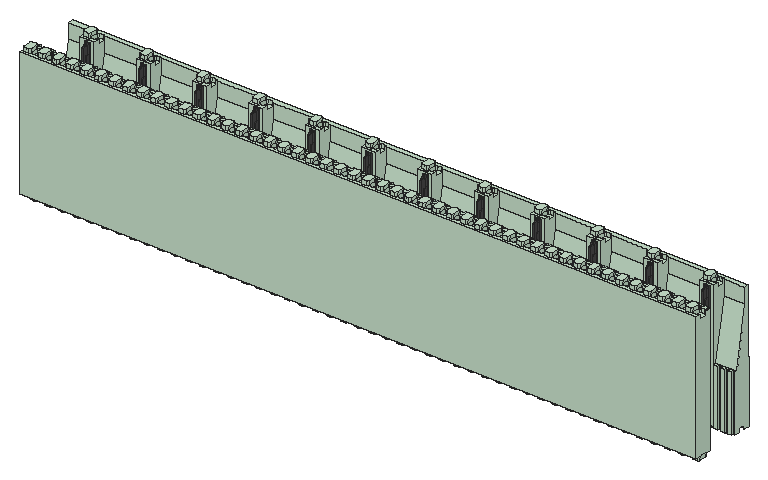
Revit family "ICF- NUDURA 4-inch Single Sided Taper Top Form Unit- Imperial", category Generic Models, Revit 2011 (continued)
Forms (in)
  Extrusion 106, void
    sketch origin (90, 2, 0) x (-1, 0, 0) y (0, -1, 0)
      loop
        line (2, 3.97692) -> (2, 4.89808)
        arc (2, 4.89808) -> (1.95215, 5.04517) -> (1.82692, 5.13595) r 0.25
        arc (1.82692, 5.13595) -> (1.5, 5.1875) -> (1.17308, 5.13595) r 1.0625
        arc (1.17308, 5.13595) -> (1.04785, 5.04517) -> (1, 4.89808) r 0.25
    from 0 to 0.5
  Extrusion 107, void
    sketch origin (92, 2, 0) x (-1, 0, 0) y (0, -1, 0)
      loop
        line (1, 4.89808) -> (1, 3.97692)
        arc (1, 3.97692) -> (1.04785, 3.82983) -> (1.17308, 3.73905) r 0.25
        arc (1.17308, 3.73905) -> (1.42092, 3.69045) -> (1.67323, 3.70172) r 1.0625
        arc (1.67323, 3.70172) -> (1.72385, 3.68771) -> (1.74592, 3.64005) r 0.0625
        line (1.74592, 3.64005) -> (1.74592, 3.41845) -> (1.91675, 3.41845) -> (1.91675, 3.76455)
        arc (1.91675, 3.76455) -> (1.92106, 3.78736) -> (1.9334, 3.80702) r 0.0625
        arc (1.9334, 3.80702) -> (1.98276, 3.88568) -> (2, 3.97692) r 0.25
        line (2, 3.97692) -> (2, 4.89808)
        arc (2, 4.89808) -> (1.95215, 5.04517) -> (1.82692, 5.13595) r 0.25
        arc (1.82692, 5.13595) -> (1.5, 5.1875) -> (1.17308, 5.13595) r 1.0625
        arc (1.17308, 5.13595) -> (1.04785, 5.04517) -> (1, 4.89808) r 0.25
    from 0 to 0.5
  Extrusion 108, void
    sketch origin (94, 2, 0) x (-1, 0, 0) y (0, -1, 0)
      loop
        line (1, 4.89808) -> (1, 3.97692)
        arc (1, 3.97692) -> (1.04785, 3.82983) -> (1.17308, 3.73905) r 0.25
        arc (1.17308, 3.73905) -> (1.42092, 3.69045) -> (1.67323, 3.70172) r 1.0625
        arc (1.67323, 3.70172) -> (1.72385, 3.68771) -> (1.74592, 3.64005) r 0.0625
        line (1.74592, 3.64005) -> (1.74592, 3.41845) -> (1.91675, 3.41845) -> (1.91675, 3.76455)
        arc (1.91675, 3.76455) -> (1.92106, 3.78736) -> (1.9334, 3.80702) r 0.0625
        arc (1.9334, 3.80702) -> (1.98276, 3.88568) -> (2, 3.97692) r 0.25
        line (2, 3.97692) -> (2, 4.89808)
        arc (2, 4.89808) -> (1.95215, 5.04517) -> (1.82692, 5.13595) r 0.25
        arc (1.82692, 5.13595) -> (1.5, 5.1875) -> (1.17308, 5.13595) r 1.0625
        arc (1.17308, 5.13595) -> (1.04785, 5.04517) -> (1, 4.89808) r 0.25
    from 0 to 0.5
  Extrusion 109, void
    sketch origin (96, 2, 0) x (-1, 0, 0) y (0, -1, 0)
      loop
        line (1, 4.89808) -> (1, 3.97692)
        arc (1, 3.97692) -> (1.04785, 3.82983) -> (1.17308, 3.73905) r 0.25
        arc (1.17308, 3.73905) -> (1.42092, 3.69045) -> (1.67323, 3.70172) r 1.0625
        arc (1.67323, 3.70172) -> (1.72385, 3.68771) -> (1.74592, 3.64005) r 0.0625
        line (1.74592, 3.64005) -> (1.74592, 3.41845) -> (1.91675, 3.41845) -> (1.91675, 3.76455)
        arc (1.91675, 3.76455) -> (1.92106, 3.78736) -> (1.9334, 3.80702) r 0.0625
        arc (1.9334, 3.80702) -> (1.98276, 3.88568) -> (2, 3.97692) r 0.25
        line (2, 3.97692) -> (2, 4.89808)
        arc (2, 4.89808) -> (1.95215, 5.04517) -> (1.82692, 5.13595) r 0.25
        arc (1.82692, 5.13595) -> (1.5, 5.1875) -> (1.17308, 5.13595) r 1.0625
        arc (1.17308, 5.13595) -> (1.04785, 5.04517) -> (1, 4.89808) r 0.25
    from 0 to 0.5
  Extrusion 110, void
    sketch origin (94, 0, 0) x (1, 0, 0) y (0, 1, 0)
      loop
        line (1, 4.89808) -> (1, 3.97692)
        arc (1, 3.97692) -> (1.04785, 3.82983) -> (1.17308, 3.73905) r 0.25
        arc (1.17308, 3.73905) -> (1.42092, 3.69045) -> (1.67323, 3.70172) r 1.0625
        arc (1.67323, 3.70172) -> (1.72385, 3.68771) -> (1.74592, 3.64005) r 0.0625
        line (1.74592, 3.64005) -> (1.74592, 3.41845) -> (1.91675, 3.41845) -> (1.91675, 3.76455)
        arc (1.91675, 3.76455) -> (1.92106, 3.78736) -> (1.9334, 3.80702) r 0.0625
        arc (1.9334, 3.80702) -> (1.98276, 3.88568) -> (2, 3.97692) r 0.25
        line (2, 3.97692) -> (2, 4.89808)
        arc (2, 4.89808) -> (1.95215, 5.04517) -> (1.82692, 5.13595) r 0.25
        arc (1.82692, 5.13595) -> (1.5, 5.1875) -> (1.17308, 5.13595) r 1.0625
        arc (1.17308, 5.13595) -> (1.04785, 5.04517) -> (1, 4.89808) r 0.25
    from 0 to 0.5
  Extrusion 111, void
    sketch origin (92, 0, 0) x (1, 0, 0) y (0, 1, 0)
      loop
        line (1, 4.89808) -> (1, 3.97692)
        arc (1, 3.97692) -> (1.04785, 3.82983) -> (1.17308, 3.73905) r 0.25
        arc (1.17308, 3.73905) -> (1.42092, 3.69045) -> (1.67323, 3.70172) r 1.0625
        arc (1.67323, 3.70172) -> (1.72385, 3.68771) -> (1.74592, 3.64005) r 0.0625
        line (1.74592, 3.64005) -> (1.74592, 3.41845) -> (1.91675, 3.41845) -> (1.91675, 3.76455)
        arc (1.91675, 3.76455) -> (1.92106, 3.78736) -> (1.9334, 3.80702) r 0.0625
        arc (1.9334, 3.80702) -> (1.98276, 3.88568) -> (2, 3.97692) r 0.25
        line (2, 3.97692) -> (2, 4.89808)
        arc (2, 4.89808) -> (1.95215, 5.04517) -> (1.82692, 5.13595) r 0.25
        arc (1.82692, 5.13595) -> (1.5, 5.1875) -> (1.17308, 5.13595) r 1.0625
        arc (1.17308, 5.13595) -> (1.04785, 5.04517) -> (1, 4.89808) r 0.25
    from 0 to 0.5
  Extrusion 112, void
    sketch origin (90, 0, 0) x (1, 0, 0) y (0, 1, 0)
      loop
        line (1, 4.89808) -> (1, 3.97692)
        arc (1, 3.97692) -> (1.04785, 3.82983) -> (1.17308, 3.73905) r 0.25
        arc (1.17308, 3.73905) -> (1.42092, 3.69045) -> (1.67323, 3.70172) r 1.0625
        arc (1.67323, 3.70172) -> (1.72385, 3.68771) -> (1.74592, 3.64005) r 0.0625
        line (1.74592, 3.64005) -> (1.74592, 3.41845) -> (1.91675, 3.41845) -> (1.91675, 3.76455)
        arc (1.91675, 3.76455) -> (1.92106, 3.78736) -> (1.9334, 3.80702) r 0.0625
        arc (1.9334, 3.80702) -> (1.98276, 3.88568) -> (2, 3.97692) r 0.25
        line (2, 3.97692) -> (2, 4.89808)
        arc (2, 4.89808) -> (1.95215, 5.04517) -> (1.82692, 5.13595) r 0.25
        arc (1.82692, 5.13595) -> (1.5, 5.1875) -> (1.17308, 5.13595) r 1.0625
        arc (1.17308, 5.13595) -> (1.04785, 5.04517) -> (1, 4.89808) r 0.25
    from 0 to 0.5
  Extrusion 113, void
    sketch origin (88, 0, 0) x (1, 0, 0) y (0, 1, 0)
      loop
        line (1, 4.89808) -> (1, 3.97692)
        arc (1, 3.97692) -> (1.04785, 3.82983) -> (1.17308, 3.73905) r 0.25
        arc (1.17308, 3.73905) -> (1.42092, 3.69045) -> (1.67323, 3.70172) r 1.0625
        arc (1.67323, 3.70172) -> (1.72385, 3.68771) -> (1.74592, 3.64005) r 0.0625
        line (1.74592, 3.64005) -> (1.74592, 3.41845) -> (1.91675, 3.41845) -> (1.91675, 3.76455)
        arc (1.91675, 3.76455) -> (1.92106, 3.78736) -> (1.9334, 3.80702) r 0.0625
        arc (1.9334, 3.80702) -> (1.98276, 3.88568) -> (2, 3.97692) r 0.25
        line (2, 3.97692) -> (2, 4.89808)
        arc (2, 4.89808) -> (1.95215, 5.04517) -> (1.82692, 5.13595) r 0.25
        arc (1.82692, 5.13595) -> (1.5, 5.1875) -> (1.17308, 5.13595) r 1.0625
        arc (1.17308, 5.13595) -> (1.04785, 5.04517) -> (1, 4.89808) r 0.25
    from 0 to 0.5
  Extrusion 114, void
    sketch origin (86, 0, 0) x (1, 0, 0) y (0, 1, 0)
      loop
        line (1, 4.89808) -> (1, 3.97692)
        arc (1, 3.97692) -> (1.04785, 3.82983) -> (1.17308, 3.73905) r 0.25
        arc (1.17308, 3.73905) -> (1.42092, 3.69045) -> (1.67323, 3.70172) r 1.0625
        arc (1.67323, 3.70172) -> (1.72385, 3.68771) -> (1.74592, 3.64005) r 0.0625
        line (1.74592, 3.64005) -> (1.74592, 3.41845) -> (1.91675, 3.41845) -> (1.91675, 3.76455)
        arc (1.91675, 3.76455) -> (1.92106, 3.78736) -> (1.9334, 3.80702) r 0.0625
        arc (1.9334, 3.80702) -> (1.98276, 3.88568) -> (2, 3.97692) r 0.25
        line (2, 3.97692) -> (2, 4.89808)
        arc (2, 4.89808) -> (1.95215, 5.04517) -> (1.82692, 5.13595) r 0.25
        arc (1.82692, 5.13595) -> (1.5, 5.1875) -> (1.17308, 5.13595) r 1.0625
        arc (1.17308, 5.13595) -> (1.04785, 5.04517) -> (1, 4.89808) r 0.25
    from 0 to 0.5
  Extrusion 115, void
    sketch origin (84, 0, 0) x (1, 0, 0) y (0, 1, 0)
      loop
        line (1, 4.89808) -> (1, 3.97692)
        arc (1, 3.97692) -> (1.04785, 3.82983) -> (1.17308, 3.73905) r 0.25
        arc (1.17308, 3.73905) -> (1.42092, 3.69045) -> (1.67323, 3.70172) r 1.0625
        arc (1.67323, 3.70172) -> (1.72385, 3.68771) -> (1.74592, 3.64005) r 0.0625
        line (1.74592, 3.64005) -> (1.74592, 3.41845) -> (1.91675, 3.41845) -> (1.91675, 3.76455)
        arc (1.91675, 3.76455) -> (1.92106, 3.78736) -> (1.9334, 3.80702) r 0.0625
        arc (1.9334, 3.80702) -> (1.98276, 3.88568) -> (2, 3.97692) r 0.25
        line (2, 3.97692) -> (2, 4.89808)
        arc (2, 4.89808) -> (1.95215, 5.04517) -> (1.82692, 5.13595) r 0.25
        arc (1.82692, 5.13595) -> (1.5, 5.1875) -> (1.17308, 5.13595) r 1.0625
        arc (1.17308, 5.13595) -> (1.04785, 5.04517) -> (1, 4.89808) r 0.25
    from 0 to 0.5
  Extrusion 116, void
    sketch origin (82, 0, 0) x (1, 0, 0) y (0, 1, 0)
      loop
        line (1, 4.89808) -> (1, 3.97692)
        arc (1, 3.97692) -> (1.04785, 3.82983) -> (1.17308, 3.73905) r 0.25
        arc (1.17308, 3.73905) -> (1.42092, 3.69045) -> (1.67323, 3.70172) r 1.0625
        arc (1.67323, 3.70172) -> (1.72385, 3.68771) -> (1.74592, 3.64005) r 0.0625
        line (1.74592, 3.64005) -> (1.74592, 3.41845) -> (1.91675, 3.41845) -> (1.91675, 3.76455)
        arc (1.91675, 3.76455) -> (1.92106, 3.78736) -> (1.9334, 3.80702) r 0.0625
        arc (1.9334, 3.80702) -> (1.98276, 3.88568) -> (2, 3.97692) r 0.25
        line (2, 3.97692) -> (2, 4.89808)
        arc (2, 4.89808) -> (1.95215, 5.04517) -> (1.82692, 5.13595) r 0.25
        arc (1.82692, 5.13595) -> (1.5, 5.1875) -> (1.17308, 5.13595) r 1.0625
        arc (1.17308, 5.13595) -> (1.04785, 5.04517) -> (1, 4.89808) r 0.25
    from 0 to 0.5
  Extrusion 117, void
    sketch origin (80, 0, 0) x (1, 0, 0) y (0, 1, 0)
      loop
        line (1, 4.89808) -> (1, 3.97692)
        arc (1, 3.97692) -> (1.04785, 3.82983) -> (1.17308, 3.73905) r 0.25
        arc (1.17308, 3.73905) -> (1.42092, 3.69045) -> (1.67323, 3.70172) r 1.0625
        arc (1.67323, 3.70172) -> (1.72385, 3.68771) -> (1.74592, 3.64005) r 0.0625
        line (1.74592, 3.64005) -> (1.74592, 3.41845) -> (1.91675, 3.41845) -> (1.91675, 3.76455)
        arc (1.91675, 3.76455) -> (1.92106, 3.78736) -> (1.9334, 3.80702) r 0.0625
        arc (1.9334, 3.80702) -> (1.98276, 3.88568) -> (2, 3.97692) r 0.25
        line (2, 3.97692) -> (2, 4.89808)
        arc (2, 4.89808) -> (1.95215, 5.04517) -> (1.82692, 5.13595) r 0.25
        arc (1.82692, 5.13595) -> (1.5, 5.1875) -> (1.17308, 5.13595) r 1.0625
        arc (1.17308, 5.13595) -> (1.04785, 5.04517) -> (1, 4.89808) r 0.25
    from 0 to 0.5
  Extrusion 118, void
    sketch origin (78, 0, 0) x (1, 0, 0) y (0, 1, 0)
      loop
        line (1, 4.89808) -> (1, 3.97692)
        arc (1, 3.97692) -> (1.04785, 3.82983) -> (1.17308, 3.73905) r 0.25
        arc (1.17308, 3.73905) -> (1.42092, 3.69045) -> (1.67323, 3.70172) r 1.0625
        arc (1.67323, 3.70172) -> (1.72385, 3.68771) -> (1.74592, 3.64005) r 0.0625
        line (1.74592, 3.64005) -> (1.74592, 3.41845) -> (1.91675, 3.41845) -> (1.91675, 3.76455)
        arc (1.91675, 3.76455) -> (1.92106, 3.78736) -> (1.9334, 3.80702) r 0.0625
        arc (1.9334, 3.80702) -> (1.98276, 3.88568) -> (2, 3.97692) r 0.25
        line (2, 3.97692) -> (2, 4.89808)
        arc (2, 4.89808) -> (1.95215, 5.04517) -> (1.82692, 5.13595) r 0.25
        arc (1.82692, 5.13595) -> (1.5, 5.1875) -> (1.17308, 5.13595) r 1.0625
        arc (1.17308, 5.13595) -> (1.04785, 5.04517) -> (1, 4.89808) r 0.25
    from 0 to 0.5
  Extrusion 119, void
    sketch origin (76, 0, 0) x (1, 0, 0) y (0, 1, 0)
      loop
        line (1, 4.89808) -> (1, 3.97692)
        arc (1, 3.97692) -> (1.04785, 3.82983) -> (1.17308, 3.73905) r 0.25
        arc (1.17308, 3.73905) -> (1.42092, 3.69045) -> (1.67323, 3.70172) r 1.0625
        arc (1.67323, 3.70172) -> (1.72385, 3.68771) -> (1.74592, 3.64005) r 0.0625
        line (1.74592, 3.64005) -> (1.74592, 3.41845) -> (1.91675, 3.41845) -> (1.91675, 3.76455)
        arc (1.91675, 3.76455) -> (1.92106, 3.78736) -> (1.9334, 3.80702) r 0.0625
        arc (1.9334, 3.80702) -> (1.98276, 3.88568) -> (2, 3.97692) r 0.25
        line (2, 3.97692) -> (2, 4.89808)
        arc (2, 4.89808) -> (1.95215, 5.04517) -> (1.82692, 5.13595) r 0.25
        arc (1.82692, 5.13595) -> (1.5, 5.1875) -> (1.17308, 5.13595) r 1.0625
        arc (1.17308, 5.13595) -> (1.04785, 5.04517) -> (1, 4.89808) r 0.25
    from 0 to 0.5
  Extrusion 120, void
    sketch origin (74, 0, 0) x (1, 0, 0) y (0, 1, 0)
      loop
        line (1, 4.89808) -> (1, 3.97692)
        arc (1, 3.97692) -> (1.04785, 3.82983) -> (1.17308, 3.73905) r 0.25
        arc (1.17308, 3.73905) -> (1.42092, 3.69045) -> (1.67323, 3.70172) r 1.0625
        arc (1.67323, 3.70172) -> (1.72385, 3.68771) -> (1.74592, 3.64005) r 0.0625
        line (1.74592, 3.64005) -> (1.74592, 3.41845) -> (1.91675, 3.41845) -> (1.91675, 3.76455)
        arc (1.91675, 3.76455) -> (1.92106, 3.78736) -> (1.9334, 3.80702) r 0.0625
        arc (1.9334, 3.80702) -> (1.98276, 3.88568) -> (2, 3.97692) r 0.25
        line (2, 3.97692) -> (2, 4.89808)
        arc (2, 4.89808) -> (1.95215, 5.04517) -> (1.82692, 5.13595) r 0.25
        arc (1.82692, 5.13595) -> (1.5, 5.1875) -> (1.17308, 5.13595) r 1.0625
        arc (1.17308, 5.13595) -> (1.04785, 5.04517) -> (1, 4.89808) r 0.25
    from 0 to 0.5
  Extrusion 121, void
    sketch origin (72, 0, 0) x (1, 0, 0) y (0, 1, 0)
      loop
        line (1, 4.89808) -> (1, 3.97692)
        arc (1, 3.97692) -> (1.04785, 3.82983) -> (1.17308, 3.73905) r 0.25
        arc (1.17308, 3.73905) -> (1.42092, 3.69045) -> (1.67323, 3.70172) r 1.0625
        arc (1.67323, 3.70172) -> (1.72385, 3.68771) -> (1.74592, 3.64005) r 0.0625
        line (1.74592, 3.64005) -> (1.74592, 3.41845) -> (1.91675, 3.41845) -> (1.91675, 3.76455)
        arc (1.91675, 3.76455) -> (1.92106, 3.78736) -> (1.9334, 3.80702) r 0.0625
        arc (1.9334, 3.80702) -> (1.98276, 3.88568) -> (2, 3.97692) r 0.25
        line (2, 3.97692) -> (2, 4.89808)
        arc (2, 4.89808) -> (1.95215, 5.04517) -> (1.82692, 5.13595) r 0.25
        arc (1.82692, 5.13595) -> (1.5, 5.1875) -> (1.17308, 5.13595) r 1.0625
        arc (1.17308, 5.13595) -> (1.04785, 5.04517) -> (1, 4.89808) r 0.25
    from 0 to 0.5
  Extrusion 122, void
    sketch origin (70, 0, 0) x (1, 0, 0) y (0, 1, 0)
      loop
        line (1, 4.89808) -> (1, 3.97692)
        arc (1, 3.97692) -> (1.04785, 3.82983) -> (1.17308, 3.73905) r 0.25
        arc (1.17308, 3.73905) -> (1.42092, 3.69045) -> (1.67323, 3.70172) r 1.0625
        arc (1.67323, 3.70172) -> (1.72385, 3.68771) -> (1.74592, 3.64005) r 0.0625
        line (1.74592, 3.64005) -> (1.74592, 3.41845) -> (1.91675, 3.41845) -> (1.91675, 3.76455)
        arc (1.91675, 3.76455) -> (1.92106, 3.78736) -> (1.9334, 3.80702) r 0.0625
        arc (1.9334, 3.80702) -> (1.98276, 3.88568) -> (2, 3.97692) r 0.25
        line (2, 3.97692) -> (2, 4.89808)
        arc (2, 4.89808) -> (1.95215, 5.04517) -> (1.82692, 5.13595) r 0.25
        arc (1.82692, 5.13595) -> (1.5, 5.1875) -> (1.17308, 5.13595) r 1.0625
        arc (1.17308, 5.13595) -> (1.04785, 5.04517) -> (1, 4.89808) r 0.25
    from 0 to 0.5
  Extrusion 123, void
    sketch origin (68, 0, 0) x (1, 0, 0) y (0, 1, 0)
      loop
        line (1, 4.89808) -> (1, 3.97692)
        arc (1, 3.97692) -> (1.04785, 3.82983) -> (1.17308, 3.73905) r 0.25
        arc (1.17308, 3.73905) -> (1.42092, 3.69045) -> (1.67323, 3.70172) r 1.0625
        arc (1.67323, 3.70172) -> (1.72385, 3.68771) -> (1.74592, 3.64005) r 0.0625
        line (1.74592, 3.64005) -> (1.74592, 3.41845) -> (1.91675, 3.41845) -> (1.91675, 3.76455)
        arc (1.91675, 3.76455) -> (1.92106, 3.78736) -> (1.9334, 3.80702) r 0.0625
        arc (1.9334, 3.80702) -> (1.98276, 3.88568) -> (2, 3.97692) r 0.25
        line (2, 3.97692) -> (2, 4.89808)
        arc (2, 4.89808) -> (1.95215, 5.04517) -> (1.82692, 5.13595) r 0.25
        arc (1.82692, 5.13595) -> (1.5, 5.1875) -> (1.17308, 5.13595) r 1.0625
        arc (1.17308, 5.13595) -> (1.04785, 5.04517) -> (1, 4.89808) r 0.25
    from 0 to 0.5
  Extrusion 124, void
    sketch origin (66, 0, 0) x (1, 0, 0) y (0, 1, 0)
      loop
        line (1, 4.89808) -> (1, 3.97692)
        arc (1, 3.97692) -> (1.04785, 3.82983) -> (1.17308, 3.73905) r 0.25
        arc (1.17308, 3.73905) -> (1.42092, 3.69045) -> (1.67323, 3.70172) r 1.0625
        arc (1.67323, 3.70172) -> (1.72385, 3.68771) -> (1.74592, 3.64005) r 0.0625
        line (1.74592, 3.64005) -> (1.74592, 3.41845) -> (1.91675, 3.41845) -> (1.91675, 3.76455)
        arc (1.91675, 3.76455) -> (1.92106, 3.78736) -> (1.9334, 3.80702) r 0.0625
        arc (1.9334, 3.80702) -> (1.98276, 3.88568) -> (2, 3.97692) r 0.25
        line (2, 3.97692) -> (2, 4.89808)
        arc (2, 4.89808) -> (1.95215, 5.04517) -> (1.82692, 5.13595) r 0.25
        arc (1.82692, 5.13595) -> (1.5, 5.1875) -> (1.17308, 5.13595) r 1.0625
        arc (1.17308, 5.13595) -> (1.04785, 5.04517) -> (1, 4.89808) r 0.25
    from 0 to 0.5
  Extrusion 125, void
    sketch origin (64, 0, 0) x (1, 0, 0) y (0, 1, 0)
      loop
        line (1, 4.89808) -> (1, 3.97692)
        arc (1, 3.97692) -> (1.04785, 3.82983) -> (1.17308, 3.73905) r 0.25
        arc (1.17308, 3.73905) -> (1.42092, 3.69045) -> (1.67323, 3.70172) r 1.0625
        arc (1.67323, 3.70172) -> (1.72385, 3.68771) -> (1.74592, 3.64005) r 0.0625
        line (1.74592, 3.64005) -> (1.74592, 3.41845) -> (1.91675, 3.41845) -> (1.91675, 3.76455)
        arc (1.91675, 3.76455) -> (1.92106, 3.78736) -> (1.9334, 3.80702) r 0.0625
        arc (1.9334, 3.80702) -> (1.98276, 3.88568) -> (2, 3.97692) r 0.25
        line (2, 3.97692) -> (2, 4.89808)
        arc (2, 4.89808) -> (1.95215, 5.04517) -> (1.82692, 5.13595) r 0.25
        arc (1.82692, 5.13595) -> (1.5, 5.1875) -> (1.17308, 5.13595) r 1.0625
        arc (1.17308, 5.13595) -> (1.04785, 5.04517) -> (1, 4.89808) r 0.25
    from 0 to 0.5
  Extrusion 126, void
    sketch origin (62, 0, 0) x (1, 0, 0) y (0, 1, 0)
      loop
        line (1, 4.89808) -> (1, 3.97692)
        arc (1, 3.97692) -> (1.04785, 3.82983) -> (1.17308, 3.73905) r 0.25
        arc (1.17308, 3.73905) -> (1.42092, 3.69045) -> (1.67323, 3.70172) r 1.0625
        arc (1.67323, 3.70172) -> (1.72385, 3.68771) -> (1.74592, 3.64005) r 0.0625
        line (1.74592, 3.64005) -> (1.74592, 3.41845) -> (1.91675, 3.41845) -> (1.91675, 3.76455)
        arc (1.91675, 3.76455) -> (1.92106, 3.78736) -> (1.9334, 3.80702) r 0.0625
        arc (1.9334, 3.80702) -> (1.98276, 3.88568) -> (2, 3.97692) r 0.25
        line (2, 3.97692) -> (2, 4.89808)
        arc (2, 4.89808) -> (1.95215, 5.04517) -> (1.82692, 5.13595) r 0.25
        arc (1.82692, 5.13595) -> (1.5, 5.1875) -> (1.17308, 5.13595) r 1.0625
        arc (1.17308, 5.13595) -> (1.04785, 5.04517) -> (1, 4.89808) r 0.25
    from 0 to 0.5
  Extrusion 127, void
    sketch origin (60, 0, 0) x (1, 0, 0) y (0, 1, 0)
      loop
        line (1, 4.89808) -> (1, 3.97692)
        arc (1, 3.97692) -> (1.04785, 3.82983) -> (1.17308, 3.73905) r 0.25
        arc (1.17308, 3.73905) -> (1.42092, 3.69045) -> (1.67323, 3.70172) r 1.0625
        arc (1.67323, 3.70172) -> (1.72385, 3.68771) -> (1.74592, 3.64005) r 0.0625
        line (1.74592, 3.64005) -> (1.74592, 3.41845) -> (1.91675, 3.41845) -> (1.91675, 3.76455)
        arc (1.91675, 3.76455) -> (1.92106, 3.78736) -> (1.9334, 3.80702) r 0.0625
        arc (1.9334, 3.80702) -> (1.98276, 3.88568) -> (2, 3.97692) r 0.25
        line (2, 3.97692) -> (2, 4.89808)
        arc (2, 4.89808) -> (1.95215, 5.04517) -> (1.82692, 5.13595) r 0.25
        arc (1.82692, 5.13595) -> (1.5, 5.1875) -> (1.17308, 5.13595) r 1.0625
        arc (1.17308, 5.13595) -> (1.04785, 5.04517) -> (1, 4.89808) r 0.25
    from 0 to 0.5
  Extrusion 128, void
    sketch origin (58, 0, 0) x (1, 0, 0) y (0, 1, 0)
      loop
        line (1, 4.89808) -> (1, 3.97692)
        arc (1, 3.97692) -> (1.04785, 3.82983) -> (1.17308, 3.73905) r 0.25
        arc (1.17308, 3.73905) -> (1.42092, 3.69045) -> (1.67323, 3.70172) r 1.0625
        arc (1.67323, 3.70172) -> (1.72385, 3.68771) -> (1.74592, 3.64005) r 0.0625
        line (1.74592, 3.64005) -> (1.74592, 3.41845) -> (1.91675, 3.41845) -> (1.91675, 3.76455)
        arc (1.91675, 3.76455) -> (1.92106, 3.78736) -> (1.9334, 3.80702) r 0.0625
        arc (1.9334, 3.80702) -> (1.98276, 3.88568) -> (2, 3.97692) r 0.25
        line (2, 3.97692) -> (2, 4.89808)
        arc (2, 4.89808) -> (1.95215, 5.04517) -> (1.82692, 5.13595) r 0.25
        arc (1.82692, 5.13595) -> (1.5, 5.1875) -> (1.17308, 5.13595) r 1.0625
        arc (1.17308, 5.13595) -> (1.04785, 5.04517) -> (1, 4.89808) r 0.25
    from 0 to 0.5
  Extrusion 129, void
    sketch origin (56, 0, 0) x (1, 0, 0) y (0, 1, 0)
      loop
        line (1, 4.89808) -> (1, 3.97692)
        arc (1, 3.97692) -> (1.04785, 3.82983) -> (1.17308, 3.73905) r 0.25
        arc (1.17308, 3.73905) -> (1.42092, 3.69045) -> (1.67323, 3.70172) r 1.0625
        arc (1.67323, 3.70172) -> (1.72385, 3.68771) -> (1.74592, 3.64005) r 0.0625
        line (1.74592, 3.64005) -> (1.74592, 3.41845) -> (1.91675, 3.41845) -> (1.91675, 3.76455)
        arc (1.91675, 3.76455) -> (1.92106, 3.78736) -> (1.9334, 3.80702) r 0.0625
        arc (1.9334, 3.80702) -> (1.98276, 3.88568) -> (2, 3.97692) r 0.25
        line (2, 3.97692) -> (2, 4.89808)
        arc (2, 4.89808) -> (1.95215, 5.04517) -> (1.82692, 5.13595) r 0.25
        arc (1.82692, 5.13595) -> (1.5, 5.1875) -> (1.17308, 5.13595) r 1.0625
        arc (1.17308, 5.13595) -> (1.04785, 5.04517) -> (1, 4.89808) r 0.25
    from 0 to 0.5
  Extrusion 130, void
    sketch origin (54, 0, 0) x (1, 0, 0) y (0, 1, 0)
      loop
        line (1, 4.89808) -> (1, 3.97692)
        arc (1, 3.97692) -> (1.04785, 3.82983) -> (1.17308, 3.73905) r 0.25
        arc (1.17308, 3.73905) -> (1.42092, 3.69045) -> (1.67323, 3.70172) r 1.0625
        arc (1.67323, 3.70172) -> (1.72385, 3.68771) -> (1.74592, 3.64005) r 0.0625
        line (1.74592, 3.64005) -> (1.74592, 3.41845) -> (1.91675, 3.41845) -> (1.91675, 3.76455)
        arc (1.91675, 3.76455) -> (1.92106, 3.78736) -> (1.9334, 3.80702) r 0.0625
        arc (1.9334, 3.80702) -> (1.98276, 3.88568) -> (2, 3.97692) r 0.25
        line (2, 3.97692) -> (2, 4.89808)
        arc (2, 4.89808) -> (1.95215, 5.04517) -> (1.82692, 5.13595) r 0.25
        arc (1.82692, 5.13595) -> (1.5, 5.1875) -> (1.17308, 5.13595) r 1.0625
        arc (1.17308, 5.13595) -> (1.04785, 5.04517) -> (1, 4.89808) r 0.25
    from 0 to 0.5
  Extrusion 131, void
    sketch origin (52, 0, 0) x (1, 0, 0) y (0, 1, 0)
      loop
        line (1, 4.89808) -> (1, 3.97692)
        arc (1, 3.97692) -> (1.04785, 3.82983) -> (1.17308, 3.73905) r 0.25
        arc (1.17308, 3.73905) -> (1.42092, 3.69045) -> (1.67323, 3.70172) r 1.0625
        arc (1.67323, 3.70172) -> (1.72385, 3.68771) -> (1.74592, 3.64005) r 0.0625
        line (1.74592, 3.64005) -> (1.74592, 3.41845) -> (1.91675, 3.41845) -> (1.91675, 3.76455)
        arc (1.91675, 3.76455) -> (1.92106, 3.78736) -> (1.9334, 3.80702) r 0.0625
        arc (1.9334, 3.80702) -> (1.98276, 3.88568) -> (2, 3.97692) r 0.25
        line (2, 3.97692) -> (2, 4.89808)
        arc (2, 4.89808) -> (1.95215, 5.04517) -> (1.82692, 5.13595) r 0.25
        arc (1.82692, 5.13595) -> (1.5, 5.1875) -> (1.17308, 5.13595) r 1.0625
        arc (1.17308, 5.13595) -> (1.04785, 5.04517) -> (1, 4.89808) r 0.25
    from 0 to 0.5
  Extrusion 132, void
    sketch origin (50, 0, 0) x (1, 0, 0) y (0, 1, 0)
      loop
        line (1, 4.89808) -> (1, 3.97692)
        arc (1, 3.97692) -> (1.04785, 3.82983) -> (1.17308, 3.73905) r 0.25
        arc (1.17308, 3.73905) -> (1.42092, 3.69045) -> (1.67323, 3.70172) r 1.0625
        arc (1.67323, 3.70172) -> (1.72385, 3.68771) -> (1.74592, 3.64005) r 0.0625
        line (1.74592, 3.64005) -> (1.74592, 3.41845) -> (1.91675, 3.41845) -> (1.91675, 3.76455)
        arc (1.91675, 3.76455) -> (1.92106, 3.78736) -> (1.9334, 3.80702) r 0.0625
        arc (1.9334, 3.80702) -> (1.98276, 3.88568) -> (2, 3.97692) r 0.25
        line (2, 3.97692) -> (2, 4.89808)
        arc (2, 4.89808) -> (1.95215, 5.04517) -> (1.82692, 5.13595) r 0.25
        arc (1.82692, 5.13595) -> (1.5, 5.1875) -> (1.17308, 5.13595) r 1.0625
        arc (1.17308, 5.13595) -> (1.04785, 5.04517) -> (1, 4.89808) r 0.25
    from 0 to 0.5
  Extrusion 133, void
    sketch origin (48, 0, 0) x (1, 0, 0) y (0, 1, 0)
      loop
        line (1, 4.89808) -> (1, 3.97692)
        arc (1, 3.97692) -> (1.04785, 3.82983) -> (1.17308, 3.73905) r 0.25
        arc (1.17308, 3.73905) -> (1.42092, 3.69045) -> (1.67323, 3.70172) r 1.0625
        arc (1.67323, 3.70172) -> (1.72385, 3.68771) -> (1.74592, 3.64005) r 0.0625
        line (1.74592, 3.64005) -> (1.74592, 3.41845) -> (1.91675, 3.41845) -> (1.91675, 3.76455)
        arc (1.91675, 3.76455) -> (1.92106, 3.78736) -> (1.9334, 3.80702) r 0.0625
        arc (1.9334, 3.80702) -> (1.98276, 3.88568) -> (2, 3.97692) r 0.25
        line (2, 3.97692) -> (2, 4.89808)
        arc (2, 4.89808) -> (1.95215, 5.04517) -> (1.82692, 5.13595) r 0.25
        arc (1.82692, 5.13595) -> (1.5, 5.1875) -> (1.17308, 5.13595) r 1.0625
        arc (1.17308, 5.13595) -> (1.04785, 5.04517) -> (1, 4.89808) r 0.25
    from 0 to 0.5
  Extrusion 134, void
    sketch origin (46, 0, 0) x (1, 0, 0) y (0, 1, 0)
      loop
        line (1, 4.89808) -> (1, 3.97692)
        arc (1, 3.97692) -> (1.04785, 3.82983) -> (1.17308, 3.73905) r 0.25
        arc (1.17308, 3.73905) -> (1.42092, 3.69045) -> (1.67323, 3.70172) r 1.0625
        arc (1.67323, 3.70172) -> (1.72385, 3.68771) -> (1.74592, 3.64005) r 0.0625
        line (1.74592, 3.64005) -> (1.74592, 3.41845) -> (1.91675, 3.41845) -> (1.91675, 3.76455)
        arc (1.91675, 3.76455) -> (1.92106, 3.78736) -> (1.9334, 3.80702) r 0.0625
        arc (1.9334, 3.80702) -> (1.98276, 3.88568) -> (2, 3.97692) r 0.25
        line (2, 3.97692) -> (2, 4.89808)
        arc (2, 4.89808) -> (1.95215, 5.04517) -> (1.82692, 5.13595) r 0.25
        arc (1.82692, 5.13595) -> (1.5, 5.1875) -> (1.17308, 5.13595) r 1.0625
        arc (1.17308, 5.13595) -> (1.04785, 5.04517) -> (1, 4.89808) r 0.25
    from 0 to 0.5
  Extrusion 135, void
    sketch origin (44, 0, 0) x (1, 0, 0) y (0, 1, 0)
      loop
        line (1, 4.89808) -> (1, 3.97692)
        arc (1, 3.97692) -> (1.04785, 3.82983) -> (1.17308, 3.73905) r 0.25
        arc (1.17308, 3.73905) -> (1.42092, 3.69045) -> (1.67323, 3.70172) r 1.0625
        arc (1.67323, 3.70172) -> (1.72385, 3.68771) -> (1.74592, 3.64005) r 0.0625
        line (1.74592, 3.64005) -> (1.74592, 3.41845) -> (1.91675, 3.41845) -> (1.91675, 3.76455)
        arc (1.91675, 3.76455) -> (1.92106, 3.78736) -> (1.9334, 3.80702) r 0.0625
        arc (1.9334, 3.80702) -> (1.98276, 3.88568) -> (2, 3.97692) r 0.25
        line (2, 3.97692) -> (2, 4.89808)
        arc (2, 4.89808) -> (1.95215, 5.04517) -> (1.82692, 5.13595) r 0.25
        arc (1.82692, 5.13595) -> (1.5, 5.1875) -> (1.17308, 5.13595) r 1.0625
        arc (1.17308, 5.13595) -> (1.04785, 5.04517) -> (1, 4.89808) r 0.25
    from 0 to 0.5
  Extrusion 136, void
    sketch origin (42, 0, 0) x (1, 0, 0) y (0, 1, 0)
      loop
        line (1, 4.89808) -> (1, 3.97692)
        arc (1, 3.97692) -> (1.04785, 3.82983) -> (1.17308, 3.73905) r 0.25
        arc (1.17308, 3.73905) -> (1.42092, 3.69045) -> (1.67323, 3.70172) r 1.0625
        arc (1.67323, 3.70172) -> (1.72385, 3.68771) -> (1.74592, 3.64005) r 0.0625
        line (1.74592, 3.64005) -> (1.74592, 3.41845) -> (1.91675, 3.41845) -> (1.91675, 3.76455)
        arc (1.91675, 3.76455) -> (1.92106, 3.78736) -> (1.9334, 3.80702) r 0.0625
        arc (1.9334, 3.80702) -> (1.98276, 3.88568) -> (2, 3.97692) r 0.25
        line (2, 3.97692) -> (2, 4.89808)
        arc (2, 4.89808) -> (1.95215, 5.04517) -> (1.82692, 5.13595) r 0.25
        arc (1.82692, 5.13595) -> (1.5, 5.1875) -> (1.17308, 5.13595) r 1.0625
        arc (1.17308, 5.13595) -> (1.04785, 5.04517) -> (1, 4.89808) r 0.25
    from 0 to 0.5
  Extrusion 137, void
    sketch origin (40, 0, 0) x (1, 0, 0) y (0, 1, 0)
      loop
        line (1, 4.89808) -> (1, 3.97692)
        arc (1, 3.97692) -> (1.04785, 3.82983) -> (1.17308, 3.73905) r 0.25
        arc (1.17308, 3.73905) -> (1.42092, 3.69045) -> (1.67323, 3.70172) r 1.0625
        arc (1.67323, 3.70172) -> (1.72385, 3.68771) -> (1.74592, 3.64005) r 0.0625
        line (1.74592, 3.64005) -> (1.74592, 3.41845) -> (1.91675, 3.41845) -> (1.91675, 3.76455)
        arc (1.91675, 3.76455) -> (1.92106, 3.78736) -> (1.9334, 3.80702) r 0.0625
        arc (1.9334, 3.80702) -> (1.98276, 3.88568) -> (2, 3.97692) r 0.25
        line (2, 3.97692) -> (2, 4.89808)
        arc (2, 4.89808) -> (1.95215, 5.04517) -> (1.82692, 5.13595) r 0.25
        arc (1.82692, 5.13595) -> (1.5, 5.1875) -> (1.17308, 5.13595) r 1.0625
        arc (1.17308, 5.13595) -> (1.04785, 5.04517) -> (1, 4.89808) r 0.25
    from 0 to 0.5
  Extrusion 138, void
    sketch origin (38, 0, 0) x (1, 0, 0) y (0, 1, 0)
      loop
        line (1, 4.89808) -> (1, 3.97692)
        arc (1, 3.97692) -> (1.04785, 3.82983) -> (1.17308, 3.73905) r 0.25
        arc (1.17308, 3.73905) -> (1.42092, 3.69045) -> (1.67323, 3.70172) r 1.0625
        arc (1.67323, 3.70172) -> (1.72385, 3.68771) -> (1.74592, 3.64005) r 0.0625
        line (1.74592, 3.64005) -> (1.74592, 3.41845) -> (1.91675, 3.41845) -> (1.91675, 3.76455)
        arc (1.91675, 3.76455) -> (1.92106, 3.78736) -> (1.9334, 3.80702) r 0.0625
        arc (1.9334, 3.80702) -> (1.98276, 3.88568) -> (2, 3.97692) r 0.25
        line (2, 3.97692) -> (2, 4.89808)
        arc (2, 4.89808) -> (1.95215, 5.04517) -> (1.82692, 5.13595) r 0.25
        arc (1.82692, 5.13595) -> (1.5, 5.1875) -> (1.17308, 5.13595) r 1.0625
        arc (1.17308, 5.13595) -> (1.04785, 5.04517) -> (1, 4.89808) r 0.25
    from 0 to 0.5
  Extrusion 139, void
    sketch origin (36, 0, 0) x (1, 0, 0) y (0, 1, 0)
      loop
        line (1, 4.89808) -> (1, 3.97692)
        arc (1, 3.97692) -> (1.04785, 3.82983) -> (1.17308, 3.73905) r 0.25
        arc (1.17308, 3.73905) -> (1.42092, 3.69045) -> (1.67323, 3.70172) r 1.0625
        arc (1.67323, 3.70172) -> (1.72385, 3.68771) -> (1.74592, 3.64005) r 0.0625
        line (1.74592, 3.64005) -> (1.74592, 3.41845) -> (1.91675, 3.41845) -> (1.91675, 3.76455)
        arc (1.91675, 3.76455) -> (1.92106, 3.78736) -> (1.9334, 3.80702) r 0.0625
        arc (1.9334, 3.80702) -> (1.98276, 3.88568) -> (2, 3.97692) r 0.25
        line (2, 3.97692) -> (2, 4.89808)
        arc (2, 4.89808) -> (1.95215, 5.04517) -> (1.82692, 5.13595) r 0.25
        arc (1.82692, 5.13595) -> (1.5, 5.1875) -> (1.17308, 5.13595) r 1.0625
        arc (1.17308, 5.13595) -> (1.04785, 5.04517) -> (1, 4.89808) r 0.25
    from 0 to 0.5
  Extrusion 140, void
    sketch origin (34, 0, 0) x (1, 0, 0) y (0, 1, 0)
      loop
        line (1, 4.89808) -> (1, 3.97692)
        arc (1, 3.97692) -> (1.04785, 3.82983) -> (1.17308, 3.73905) r 0.25
        arc (1.17308, 3.73905) -> (1.42092, 3.69045) -> (1.67323, 3.70172) r 1.0625
        arc (1.67323, 3.70172) -> (1.72385, 3.68771) -> (1.74592, 3.64005) r 0.0625
        line (1.74592, 3.64005) -> (1.74592, 3.41845) -> (1.91675, 3.41845) -> (1.91675, 3.76455)
        arc (1.91675, 3.76455) -> (1.92106, 3.78736) -> (1.9334, 3.80702) r 0.0625
        arc (1.9334, 3.80702) -> (1.98276, 3.88568) -> (2, 3.97692) r 0.25
        line (2, 3.97692) -> (2, 4.89808)
        arc (2, 4.89808) -> (1.95215, 5.04517) -> (1.82692, 5.13595) r 0.25
        arc (1.82692, 5.13595) -> (1.5, 5.1875) -> (1.17308, 5.13595) r 1.0625
        arc (1.17308, 5.13595) -> (1.04785, 5.04517) -> (1, 4.89808) r 0.25
    from 0 to 0.5
  Extrusion 141, void
    sketch origin (32, 0, 0) x (1, 0, 0) y (0, 1, 0)
      loop
        line (1, 4.89808) -> (1, 3.97692)
        arc (1, 3.97692) -> (1.04785, 3.82983) -> (1.17308, 3.73905) r 0.25
        arc (1.17308, 3.73905) -> (1.42092, 3.69045) -> (1.67323, 3.70172) r 1.0625
        arc (1.67323, 3.70172) -> (1.72385, 3.68771) -> (1.74592, 3.64005) r 0.0625
        line (1.74592, 3.64005) -> (1.74592, 3.41845) -> (1.91675, 3.41845) -> (1.91675, 3.76455)
        arc (1.91675, 3.76455) -> (1.92106, 3.78736) -> (1.9334, 3.80702) r 0.0625
        arc (1.9334, 3.80702) -> (1.98276, 3.88568) -> (2, 3.97692) r 0.25
        line (2, 3.97692) -> (2, 4.89808)
        arc (2, 4.89808) -> (1.95215, 5.04517) -> (1.82692, 5.13595) r 0.25
        arc (1.82692, 5.13595) -> (1.5, 5.1875) -> (1.17308, 5.13595) r 1.0625
        arc (1.17308, 5.13595) -> (1.04785, 5.04517) -> (1, 4.89808) r 0.25
    from 0 to 0.5
  Extrusion 142, void
    sketch origin (30, 0, 0) x (1, 0, 0) y (0, 1, 0)
      loop
        line (1, 4.89808) -> (1, 3.97692)
        arc (1, 3.97692) -> (1.04785, 3.82983) -> (1.17308, 3.73905) r 0.25
        arc (1.17308, 3.73905) -> (1.42092, 3.69045) -> (1.67323, 3.70172) r 1.0625
        arc (1.67323, 3.70172) -> (1.72385, 3.68771) -> (1.74592, 3.64005) r 0.0625
        line (1.74592, 3.64005) -> (1.74592, 3.41845) -> (1.91675, 3.41845) -> (1.91675, 3.76455)
        arc (1.91675, 3.76455) -> (1.92106, 3.78736) -> (1.9334, 3.80702) r 0.0625
        arc (1.9334, 3.80702) -> (1.98276, 3.88568) -> (2, 3.97692) r 0.25
        line (2, 3.97692) -> (2, 4.89808)
        arc (2, 4.89808) -> (1.95215, 5.04517) -> (1.82692, 5.13595) r 0.25
        arc (1.82692, 5.13595) -> (1.5, 5.1875) -> (1.17308, 5.13595) r 1.0625
        arc (1.17308, 5.13595) -> (1.04785, 5.04517) -> (1, 4.89808) r 0.25
    from 0 to 0.5
  Extrusion 143, void
    sketch origin (28, 0, 0) x (1, 0, 0) y (0, 1, 0)
      loop
        line (1, 4.89808) -> (1, 3.97692)
        arc (1, 3.97692) -> (1.04785, 3.82983) -> (1.17308, 3.73905) r 0.25
        arc (1.17308, 3.73905) -> (1.42092, 3.69045) -> (1.67323, 3.70172) r 1.0625
        arc (1.67323, 3.70172) -> (1.72385, 3.68771) -> (1.74592, 3.64005) r 0.0625
        line (1.74592, 3.64005) -> (1.74592, 3.41845) -> (1.91675, 3.41845) -> (1.91675, 3.76455)
        arc (1.91675, 3.76455) -> (1.92106, 3.78736) -> (1.9334, 3.80702) r 0.0625
        arc (1.9334, 3.80702) -> (1.98276, 3.88568) -> (2, 3.97692) r 0.25
        line (2, 3.97692) -> (2, 4.89808)
        arc (2, 4.89808) -> (1.95215, 5.04517) -> (1.82692, 5.13595) r 0.25
        arc (1.82692, 5.13595) -> (1.5, 5.1875) -> (1.17308, 5.13595) r 1.0625
        arc (1.17308, 5.13595) -> (1.04785, 5.04517) -> (1, 4.89808) r 0.25
    from 0 to 0.5
  Extrusion 144, void
    sketch origin (26, 0, 0) x (1, 0, 0) y (0, 1, 0)
      loop
        line (1, 4.89808) -> (1, 3.97692)
        arc (1, 3.97692) -> (1.04785, 3.82983) -> (1.17308, 3.73905) r 0.25
        arc (1.17308, 3.73905) -> (1.42092, 3.69045) -> (1.67323, 3.70172) r 1.0625
        arc (1.67323, 3.70172) -> (1.72385, 3.68771) -> (1.74592, 3.64005) r 0.0625
        line (1.74592, 3.64005) -> (1.74592, 3.41845) -> (1.91675, 3.41845) -> (1.91675, 3.76455)
        arc (1.91675, 3.76455) -> (1.92106, 3.78736) -> (1.9334, 3.80702) r 0.0625
        arc (1.9334, 3.80702) -> (1.98276, 3.88568) -> (2, 3.97692) r 0.25
        line (2, 3.97692) -> (2, 4.89808)
        arc (2, 4.89808) -> (1.95215, 5.04517) -> (1.82692, 5.13595) r 0.25
        arc (1.82692, 5.13595) -> (1.5, 5.1875) -> (1.17308, 5.13595) r 1.0625
        arc (1.17308, 5.13595) -> (1.04785, 5.04517) -> (1, 4.89808) r 0.25
    from 0 to 0.5
  Extrusion 145, void
    sketch origin (24, 0, 0) x (1, 0, 0) y (0, 1, 0)
      loop
        line (1, 4.89808) -> (1, 3.97692)
        arc (1, 3.97692) -> (1.04785, 3.82983) -> (1.17308, 3.73905) r 0.25
        arc (1.17308, 3.73905) -> (1.42092, 3.69045) -> (1.67323, 3.70172) r 1.0625
        arc (1.67323, 3.70172) -> (1.72385, 3.68771) -> (1.74592, 3.64005) r 0.0625
        line (1.74592, 3.64005) -> (1.74592, 3.41845) -> (1.91675, 3.41845) -> (1.91675, 3.76455)
        arc (1.91675, 3.76455) -> (1.92106, 3.78736) -> (1.9334, 3.80702) r 0.0625
        arc (1.9334, 3.80702) -> (1.98276, 3.88568) -> (2, 3.97692) r 0.25
        line (2, 3.97692) -> (2, 4.89808)
        arc (2, 4.89808) -> (1.95215, 5.04517) -> (1.82692, 5.13595) r 0.25
        arc (1.82692, 5.13595) -> (1.5, 5.1875) -> (1.17308, 5.13595) r 1.0625
        arc (1.17308, 5.13595) -> (1.04785, 5.04517) -> (1, 4.89808) r 0.25
    from 0 to 0.5
  Extrusion 146, void
    sketch origin (22, 0, 0) x (1, 0, 0) y (0, 1, 0)
      loop
        line (1, 4.89808) -> (1, 3.97692)
        arc (1, 3.97692) -> (1.04785, 3.82983) -> (1.17308, 3.73905) r 0.25
        arc (1.17308, 3.73905) -> (1.42092, 3.69045) -> (1.67323, 3.70172) r 1.0625
        arc (1.67323, 3.70172) -> (1.72385, 3.68771) -> (1.74592, 3.64005) r 0.0625
        line (1.74592, 3.64005) -> (1.74592, 3.41845) -> (1.91675, 3.41845) -> (1.91675, 3.76455)
        arc (1.91675, 3.76455) -> (1.92106, 3.78736) -> (1.9334, 3.80702) r 0.0625
        arc (1.9334, 3.80702) -> (1.98276, 3.88568) -> (2, 3.97692) r 0.25
        line (2, 3.97692) -> (2, 4.89808)
        arc (2, 4.89808) -> (1.95215, 5.04517) -> (1.82692, 5.13595) r 0.25
        arc (1.82692, 5.13595) -> (1.5, 5.1875) -> (1.17308, 5.13595) r 1.0625
        arc (1.17308, 5.13595) -> (1.04785, 5.04517) -> (1, 4.89808) r 0.25
    from 0 to 0.5
  Extrusion 147, void
    sketch origin (20, 0, 0) x (1, 0, 0) y (0, 1, 0)
      loop
        line (1, 4.89808) -> (1, 3.97692)
        arc (1, 3.97692) -> (1.04785, 3.82983) -> (1.17308, 3.73905) r 0.25
        arc (1.17308, 3.73905) -> (1.42092, 3.69045) -> (1.67323, 3.70172) r 1.0625
        arc (1.67323, 3.70172) -> (1.72385, 3.68771) -> (1.74592, 3.64005) r 0.0625
        line (1.74592, 3.64005) -> (1.74592, 3.41845) -> (1.91675, 3.41845) -> (1.91675, 3.76455)
        arc (1.91675, 3.76455) -> (1.92106, 3.78736) -> (1.9334, 3.80702) r 0.0625
        arc (1.9334, 3.80702) -> (1.98276, 3.88568) -> (2, 3.97692) r 0.25
        line (2, 3.97692) -> (2, 4.89808)
        arc (2, 4.89808) -> (1.95215, 5.04517) -> (1.82692, 5.13595) r 0.25
        arc (1.82692, 5.13595) -> (1.5, 5.1875) -> (1.17308, 5.13595) r 1.0625
        arc (1.17308, 5.13595) -> (1.04785, 5.04517) -> (1, 4.89808) r 0.25
    from 0 to 0.5
  Extrusion 148, void
    sketch origin (18, 0, 0) x (1, 0, 0) y (0, 1, 0)
      loop
        line (1, 4.89808) -> (1, 3.97692)
        arc (1, 3.97692) -> (1.04785, 3.82983) -> (1.17308, 3.73905) r 0.25
        arc (1.17308, 3.73905) -> (1.42092, 3.69045) -> (1.67323, 3.70172) r 1.0625
        arc (1.67323, 3.70172) -> (1.72385, 3.68771) -> (1.74592, 3.64005) r 0.0625
        line (1.74592, 3.64005) -> (1.74592, 3.41845) -> (1.91675, 3.41845) -> (1.91675, 3.76455)
        arc (1.91675, 3.76455) -> (1.92106, 3.78736) -> (1.9334, 3.80702) r 0.0625
        arc (1.9334, 3.80702) -> (1.98276, 3.88568) -> (2, 3.97692) r 0.25
        line (2, 3.97692) -> (2, 4.89808)
        arc (2, 4.89808) -> (1.95215, 5.04517) -> (1.82692, 5.13595) r 0.25
        arc (1.82692, 5.13595) -> (1.5, 5.1875) -> (1.17308, 5.13595) r 1.0625
        arc (1.17308, 5.13595) -> (1.04785, 5.04517) -> (1, 4.89808) r 0.25
    from 0 to 0.5
  Extrusion 149, void
    sketch origin (16, 0, 0) x (1, 0, 0) y (0, 1, 0)
      loop
        line (1, 4.89808) -> (1, 3.97692)
        arc (1, 3.97692) -> (1.04785, 3.82983) -> (1.17308, 3.73905) r 0.25
        arc (1.17308, 3.73905) -> (1.42092, 3.69045) -> (1.67323, 3.70172) r 1.0625
        arc (1.67323, 3.70172) -> (1.72385, 3.68771) -> (1.74592, 3.64005) r 0.0625
        line (1.74592, 3.64005) -> (1.74592, 3.41845) -> (1.91675, 3.41845) -> (1.91675, 3.76455)
        arc (1.91675, 3.76455) -> (1.92106, 3.78736) -> (1.9334, 3.80702) r 0.0625
        arc (1.9334, 3.80702) -> (1.98276, 3.88568) -> (2, 3.97692) r 0.25
        line (2, 3.97692) -> (2, 4.89808)
        arc (2, 4.89808) -> (1.95215, 5.04517) -> (1.82692, 5.13595) r 0.25
        arc (1.82692, 5.13595) -> (1.5, 5.1875) -> (1.17308, 5.13595) r 1.0625
        arc (1.17308, 5.13595) -> (1.04785, 5.04517) -> (1, 4.89808) r 0.25
    from 0 to 0.5
  Extrusion 150, void
    sketch origin (14, 0, 0) x (1, 0, 0) y (0, 1, 0)
      loop
        line (1, 4.89808) -> (1, 3.97692)
        arc (1, 3.97692) -> (1.04785, 3.82983) -> (1.17308, 3.73905) r 0.25
        arc (1.17308, 3.73905) -> (1.42092, 3.69045) -> (1.67323, 3.70172) r 1.0625
        arc (1.67323, 3.70172) -> (1.72385, 3.68771) -> (1.74592, 3.64005) r 0.0625
        line (1.74592, 3.64005) -> (1.74592, 3.41845) -> (1.91675, 3.41845) -> (1.91675, 3.76455)
        arc (1.91675, 3.76455) -> (1.92106, 3.78736) -> (1.9334, 3.80702) r 0.0625
        arc (1.9334, 3.80702) -> (1.98276, 3.88568) -> (2, 3.97692) r 0.25
        line (2, 3.97692) -> (2, 4.89808)
        arc (2, 4.89808) -> (1.95215, 5.04517) -> (1.82692, 5.13595) r 0.25
        arc (1.82692, 5.13595) -> (1.5, 5.1875) -> (1.17308, 5.13595) r 1.0625
        arc (1.17308, 5.13595) -> (1.04785, 5.04517) -> (1, 4.89808) r 0.25
    from 0 to 0.5
  Extrusion 151, void
    sketch origin (12, 0, 0) x (1, 0, 0) y (0, 1, 0)
      loop
        line (1, 4.89808) -> (1, 3.97692)
        arc (1, 3.97692) -> (1.04785, 3.82983) -> (1.17308, 3.73905) r 0.25
        arc (1.17308, 3.73905) -> (1.42092, 3.69045) -> (1.67323, 3.70172) r 1.0625
        arc (1.67323, 3.70172) -> (1.72385, 3.68771) -> (1.74592, 3.64005) r 0.0625
        line (1.74592, 3.64005) -> (1.74592, 3.41845) -> (1.91675, 3.41845) -> (1.91675, 3.76455)
        arc (1.91675, 3.76455) -> (1.92106, 3.78736) -> (1.9334, 3.80702) r 0.0625
        arc (1.9334, 3.80702) -> (1.98276, 3.88568) -> (2, 3.97692) r 0.25
        line (2, 3.97692) -> (2, 4.89808)
        arc (2, 4.89808) -> (1.95215, 5.04517) -> (1.82692, 5.13595) r 0.25
        arc (1.82692, 5.13595) -> (1.5, 5.1875) -> (1.17308, 5.13595) r 1.0625
        arc (1.17308, 5.13595) -> (1.04785, 5.04517) -> (1, 4.89808) r 0.25
    from 0 to 0.5
  Extrusion 152, void
    sketch origin (10, 0, 0) x (1, 0, 0) y (0, 1, 0)
      loop
        line (1, 4.89808) -> (1, 3.97692)
        arc (1, 3.97692) -> (1.04785, 3.82983) -> (1.17308, 3.73905) r 0.25
        arc (1.17308, 3.73905) -> (1.42092, 3.69045) -> (1.67323, 3.70172) r 1.0625
        arc (1.67323, 3.70172) -> (1.72385, 3.68771) -> (1.74592, 3.64005) r 0.0625
        line (1.74592, 3.64005) -> (1.74592, 3.41845) -> (1.91675, 3.41845) -> (1.91675, 3.76455)
        arc (1.91675, 3.76455) -> (1.92106, 3.78736) -> (1.9334, 3.80702) r 0.0625
        arc (1.9334, 3.80702) -> (1.98276, 3.88568) -> (2, 3.97692) r 0.25
        line (2, 3.97692) -> (2, 4.89808)
        arc (2, 4.89808) -> (1.95215, 5.04517) -> (1.82692, 5.13595) r 0.25
        arc (1.82692, 5.13595) -> (1.5, 5.1875) -> (1.17308, 5.13595) r 1.0625
        arc (1.17308, 5.13595) -> (1.04785, 5.04517) -> (1, 4.89808) r 0.25
    from 0 to 0.5
  Extrusion 153, void
    sketch origin (8, 0, 0) x (1, 0, 0) y (0, 1, 0)
      loop
        line (1, 4.89808) -> (1, 3.97692)
        arc (1, 3.97692) -> (1.04785, 3.82983) -> (1.17308, 3.73905) r 0.25
        arc (1.17308, 3.73905) -> (1.42092, 3.69045) -> (1.67323, 3.70172) r 1.0625
        arc (1.67323, 3.70172) -> (1.72385, 3.68771) -> (1.74592, 3.64005) r 0.0625
        line (1.74592, 3.64005) -> (1.74592, 3.41845) -> (1.91675, 3.41845) -> (1.91675, 3.76455)
        arc (1.91675, 3.76455) -> (1.92106, 3.78736) -> (1.9334, 3.80702) r 0.0625
        arc (1.9334, 3.80702) -> (1.98276, 3.88568) -> (2, 3.97692) r 0.25
        line (2, 3.97692) -> (2, 4.89808)
        arc (2, 4.89808) -> (1.95215, 5.04517) -> (1.82692, 5.13595) r 0.25
        arc (1.82692, 5.13595) -> (1.5, 5.1875) -> (1.17308, 5.13595) r 1.0625
        arc (1.17308, 5.13595) -> (1.04785, 5.04517) -> (1, 4.89808) r 0.25
    from 0 to 0.5
  Extrusion 154, void
    sketch origin (6, 0, 0) x (1, 0, 0) y (0, 1, 0)
      loop
        line (1, 4.89808) -> (1, 3.97692)
        arc (1, 3.97692) -> (1.04785, 3.82983) -> (1.17308, 3.73905) r 0.25
        arc (1.17308, 3.73905) -> (1.42092, 3.69045) -> (1.67323, 3.70172) r 1.0625
        arc (1.67323, 3.70172) -> (1.72385, 3.68771) -> (1.74592, 3.64005) r 0.0625
        line (1.74592, 3.64005) -> (1.74592, 3.41845) -> (1.91675, 3.41845) -> (1.91675, 3.76455)
        arc (1.91675, 3.76455) -> (1.92106, 3.78736) -> (1.9334, 3.80702) r 0.0625
        arc (1.9334, 3.80702) -> (1.98276, 3.88568) -> (2, 3.97692) r 0.25
        line (2, 3.97692) -> (2, 4.89808)
        arc (2, 4.89808) -> (1.95215, 5.04517) -> (1.82692, 5.13595) r 0.25
        arc (1.82692, 5.13595) -> (1.5, 5.1875) -> (1.17308, 5.13595) r 1.0625
        arc (1.17308, 5.13595) -> (1.04785, 5.04517) -> (1, 4.89808) r 0.25
    from 0 to 0.5
  Extrusion 155, void
    sketch origin (4, 0, 0) x (1, 0, 0) y (0, 1, 0)
      loop
        line (1, 4.89808) -> (1, 3.97692)
        arc (1, 3.97692) -> (1.04785, 3.82983) -> (1.17308, 3.73905) r 0.25
        arc (1.17308, 3.73905) -> (1.42092, 3.69045) -> (1.67323, 3.70172) r 1.0625
        arc (1.67323, 3.70172) -> (1.72385, 3.68771) -> (1.74592, 3.64005) r 0.0625
        line (1.74592, 3.64005) -> (1.74592, 3.41845) -> (1.91675, 3.41845) -> (1.91675, 3.76455)
        arc (1.91675, 3.76455) -> (1.92106, 3.78736) -> (1.9334, 3.80702) r 0.0625
        arc (1.9334, 3.80702) -> (1.98276, 3.88568) -> (2, 3.97692) r 0.25
        line (2, 3.97692) -> (2, 4.89808)
        arc (2, 4.89808) -> (1.95215, 5.04517) -> (1.82692, 5.13595) r 0.25
        arc (1.82692, 5.13595) -> (1.5, 5.1875) -> (1.17308, 5.13595) r 1.0625
        arc (1.17308, 5.13595) -> (1.04785, 5.04517) -> (1, 4.89808) r 0.25
    from 0 to 0.5
  Extrusion 156, void
    sketch origin (2, 0, 0) x (1, 0, 0) y (0, 1, 0)
      loop
        line (1, 4.89808) -> (1, 3.97692)
        arc (1, 3.97692) -> (1.04785, 3.82983) -> (1.17308, 3.73905) r 0.25
        arc (1.17308, 3.73905) -> (1.42092, 3.69045) -> (1.67323, 3.70172) r 1.0625
        arc (1.67323, 3.70172) -> (1.72385, 3.68771) -> (1.74592, 3.64005) r 0.0625
        line (1.74592, 3.64005) -> (1.74592, 3.41845) -> (1.91675, 3.41845) -> (1.91675, 3.76455)
        arc (1.91675, 3.76455) -> (1.92106, 3.78736) -> (1.9334, 3.80702) r 0.0625
        arc (1.9334, 3.80702) -> (1.98276, 3.88568) -> (2, 3.97692) r 0.25
        line (2, 3.97692) -> (2, 4.89808)
        arc (2, 4.89808) -> (1.95215, 5.04517) -> (1.82692, 5.13595) r 0.25
        arc (1.82692, 5.13595) -> (1.5, 5.1875) -> (1.17308, 5.13595) r 1.0625
        arc (1.17308, 5.13595) -> (1.04785, 5.04517) -> (1, 4.89808) r 0.25
    from 0 to 0.5
  Extrusion 157, void
    sketch origin (0, 0, 0) x (1, 0, 0) y (0, 1, 0)
      loop
        line (1, 4.89808) -> (1, 3.97692)
        arc (1, 3.97692) -> (1.04785, 3.82983) -> (1.17308, 3.73905) r 0.25
        arc (1.17308, 3.73905) -> (1.42092, 3.69045) -> (1.67323, 3.70172) r 1.0625
        arc (1.67323, 3.70172) -> (1.72385, 3.68771) -> (1.74592, 3.64005) r 0.0625
        line (1.74592, 3.64005) -> (1.74592, 3.41845) -> (1.91675, 3.41845) -> (1.91675, 3.76455)
        arc (1.91675, 3.76455) -> (1.92106, 3.78736) -> (1.9334, 3.80702) r 0.0625
        arc (1.9334, 3.80702) -> (1.98276, 3.88568) -> (2, 3.97692) r 0.25
        line (2, 3.97692) -> (2, 4.89808)
        arc (2, 4.89808) -> (1.95215, 5.04517) -> (1.82692, 5.13595) r 0.25
        arc (1.82692, 5.13595) -> (1.5, 5.1875) -> (1.17308, 5.13595) r 1.0625
        arc (1.17308, 5.13595) -> (1.04785, 5.04517) -> (1, 4.89808) r 0.25
    from 0 to 0.5
  Extrusion 158, solid, material "NUDURA Expanded Polystyrene Foam Insulation"
    sketch origin (0, 0, 0) x (0, 1, 0) y (0, 0, 1)
      loop
        line (5.625, 0) -> (5.625, 18) -> (5, 18) -> (5, 15.92857) -> (3.5, 8) -> (3.25, 8) -> (3.25, 0) -> (5.625, 0)
    from 0 to 96
  Extrusion 159, solid, material "NUDURA Expanded Polystyrene Foam Insulation"
    sketch origin (0, 0, 0) x (0, 1, 0) y (0, 0, 1)
      loop
        line (5, 18) -> (3.25, 18) -> (3.25, 8) -> (3.5, 8) -> (5, 15.92857) -> (5, 18)
    from 3 to 5
  Extrusion 160, solid, material "NUDURA Expanded Polystyrene Foam Insulation"
    sketch origin (0, 0, 0) x (0, 1, 0) y (0, 0, 1)
      loop
        line (5, 18) -> (3.25, 18) -> (3.25, 8) -> (3.5, 8) -> (5, 15.92857) -> (5, 18)
    from 11 to 13
  Extrusion 161, solid, material "NUDURA Expanded Polystyrene Foam Insulation"
    sketch origin (0, 0, 0) x (0, 1, 0) y (0, 0, 1)
      loop
        line (5, 18) -> (3.25, 18) -> (3.25, 8) -> (3.5, 8) -> (5, 15.92857) -> (5, 18)
    from 19 to 21
  Extrusion 162, solid, material "NUDURA Expanded Polystyrene Foam Insulation"
    sketch origin (0, 0, 0) x (0, 1, 0) y (0, 0, 1)
      loop
        line (5, 18) -> (3.25, 18) -> (3.25, 8) -> (3.5, 8) -> (5, 15.92857) -> (5, 18)
    from 27 to 29
  Extrusion 163, solid, material "NUDURA Expanded Polystyrene Foam Insulation"
    sketch origin (0, 0, 0) x (0, 1, 0) y (0, 0, 1)
      loop
        line (5, 18) -> (3.25, 18) -> (3.25, 8) -> (3.5, 8) -> (5, 15.92857) -> (5, 18)
    from 35 to 37
  Extrusion 164, solid, material "NUDURA Expanded Polystyrene Foam Insulation"
    sketch origin (0, 0, 0) x (0, 1, 0) y (0, 0, 1)
      loop
        line (5, 18) -> (3.25, 18) -> (3.25, 8) -> (3.5, 8) -> (5, 15.92857) -> (5, 18)
    from 43 to 45
  Extrusion 165, solid, material "NUDURA Expanded Polystyrene Foam Insulation"
    sketch origin (0, 0, 0) x (0, 1, 0) y (0, 0, 1)
      loop
        line (5, 18) -> (3.25, 18) -> (3.25, 8) -> (3.5, 8) -> (5, 15.92857) -> (5, 18)
    from 51 to 53
  Extrusion 166, solid, material "NUDURA Expanded Polystyrene Foam Insulation"
    sketch origin (0, 0, 0) x (0, 1, 0) y (0, 0, 1)
      loop
        line (5, 18) -> (3.25, 18) -> (3.25, 8) -> (3.5, 8) -> (5, 15.92857) -> (5, 18)
    from 59 to 61
  Extrusion 167, solid, material "NUDURA Expanded Polystyrene Foam Insulation"
    sketch origin (0, 0, 0) x (0, 1, 0) y (0, 0, 1)
      loop
        line (5, 18) -> (3.25, 18) -> (3.25, 8) -> (3.5, 8) -> (5, 15.92857) -> (5, 18)
    from 67 to 69
  Extrusion 168, solid, material "NUDURA Expanded Polystyrene Foam Insulation"
    sketch origin (0, 0, 0) x (0, 1, 0) y (0, 0, 1)
      loop
        line (5, 18) -> (3.25, 18) -> (3.25, 8) -> (3.5, 8) -> (5, 15.92857) -> (5, 18)
    from 67 to 69
  Extrusion 169, solid, material "NUDURA Expanded Polystyrene Foam Insulation"
    sketch origin (0, 0, 0) x (0, 1, 0) y (0, 0, 1)
      loop
        line (5, 18) -> (3.25, 18) -> (3.25, 8) -> (3.5, 8) -> (5, 15.92857) -> (5, 18)
    from 75 to 77
  Extrusion 170, solid, material "NUDURA Expanded Polystyrene Foam Insulation"
    sketch origin (0, 0, 0) x (0, 1, 0) y (0, 0, 1)
      loop
        line (5, 18) -> (3.25, 18) -> (3.25, 8) -> (3.5, 8) -> (5, 15.92857) -> (5, 18)
    from 83 to 85
  Extrusion 171, solid, material "NUDURA Expanded Polystyrene Foam Insulation"
    sketch origin (0, 0, 0) x (0, 1, 0) y (0, 0, 1)
      loop
        line (5, 18) -> (3.25, 18) -> (3.25, 8) -> (3.5, 8) -> (5, 15.92857) -> (5, 18)
    from 91 to 93
  Extrusion 172, solid, material "NUDURA Expanded Polystyrene Foam Insulation"
    sketch origin (0, 0, 0) x (1, 0, 0) y (0, 1, 0)
      loop
        line (0.28117, 3.25) -> (0.21883, 3) -> (0.78117, 3) -> (0.71883, 3.25) -> (0.28117, 3.25)
      loop
        line (1.28117, 3.25) -> (1.21883, 3) -> (1.78117, 3) -> (1.71883, 3.25) -> (1.28117, 3.25)
      loop
        line (2.28117, 3.25) -> (2.21883, 3) -> (2.78117, 3) -> (2.71883, 3.25) -> (2.28117, 3.25)
